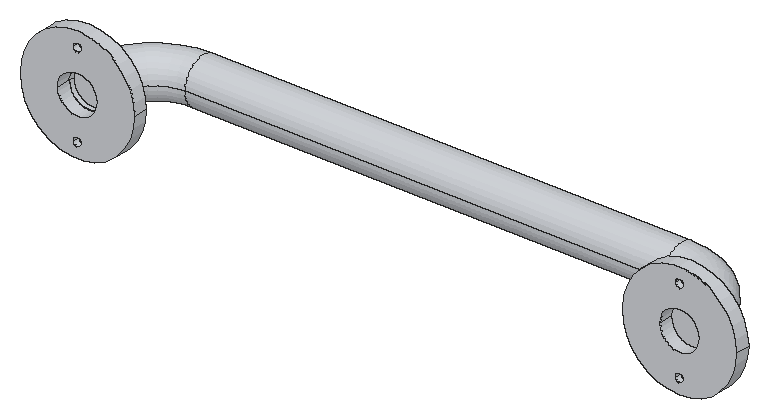
Revit family "AX8032X507_0002", category Appareils sanitaires, Revit 2016
Family settings
  Hôte = Mur
  Type d'élément = Normal
  Cote de connecteur circulaire = Utiliser le diamètre
  Numéro OmniClass = 23.75.00.00
  Titre OmniClass = Climate Control (HVAC)
  Toujours verticalement = Oui
  Couper avec des vides une fois chargée = Non
  Partagée = Non
  Point de calcul de pièce = Non
Parameters (values of type "Type 1")
  URL = "https://www.axeuro.com/fr/barres-de-securite-barres-d-appui/25488-barre-d-appui-ax8032x385.html?search_query=AX8032X385&results=1"
  Type de produit / Type of product = "Barre de sécurité / Grab bar"  # constant formula
  Référence / Reference = "AX8032X507"  # constant formula
  Model = ""
  Manufacturer = ""
  Entreprise / Company = "Axeuro"  # constant formula
  Description = ""
Reference planes
  plane 1 "Mur": y = 0
  plane 2 "Centre (gauche/droite)": x = 0
  plane 3 "Arrière": y = 75
Forms (mm)
  Extrusion 1, solid
    sketch origin (-23, 75, 0) x (-1, 0, 0) y (0, 0, -1)
      loop
        circle (190, -669.455) r 40.5
    from -10 to 0
  Sweep 2, solid
    path origin (247, -18.736, 669.511) x (1, 0, 0) y (0, 1, 0)
      loop
        line (-460, 103.736) -> (-460, 105.837)
        arc (-460, 105.837) -> (-447.142, 136.878) -> (-416.102, 149.735) r 43.898
        line (-416.102, 149.735) -> (-77.898, 149.735)
        arc (-77.898, 149.735) -> (-46.858, 136.878) -> (-34, 105.837) r 43.898
        line (-34, 105.837) -> (-34, 103.736)
    profile origin (0, 131, 669.511) x (0, 1, 0) y (0, 0, 1)
      loop
        circle (0, 0) r 16
  Extrusion 3, void
    sketch origin (63, 0, 0) x (1, 0, 0) y (0, 0, 1)
      loop
        circle (150, 669.455) r 14
    from -88.969 to -75
  Extrusion 4, void
    sketch origin (-63, 0, 0) x (-1, 0, 0) y (0, 0, -1)
      loop
        circle (150, -669.455) r 14
    from -88.969 to -75
  Extrusion 5, void
    sketch origin (-419.122, 0, 1337.127) x (1, 0, 0) y (0, 0, 1)
      loop
        circle (206.122, -697.622) r 3
    from -79.397 to -75
  Extrusion 6, void
    sketch origin (-419.122, 0, 1.883) x (1, 0, 0) y (0, 0, 1)
      loop
        circle (206.122, 697.622) r 3
    from -79.397 to -75
  Extrusion 7, void
    sketch origin (419.122, 0, 1337.127) x (-1, 0, 0) y (0, 0, -1)
      loop
        circle (206.122, 697.622) r 3
    from -79.397 to -75
  Extrusion 8, void
    sketch origin (419.122, 0, 1.883) x (-1, 0, 0) y (0, 0, -1)
      loop
        circle (206.122, -697.622) r 3
    from -79.397 to -75
  Extrusion 9, solid
    sketch origin (23, 75, 0) x (1, 0, 0) y (0, 0, 1)
      loop
        circle (190, 669.455) r 40.5
    from -10 to 0
Cuts and joins
  Extrusion 4 cuts Sweep 2
  Extrusion 4, Extrusion 5, Extrusion 6, Extrusion 7, Extrusion 8 cuts Extrusion 1
  Extrusion 3, Extrusion 7, Extrusion 8 cuts Extrusion 9
Text (mm)
  text "Côté de la mise en place" at (-1820.995, 1116.779, 0), in view "Niveau de réf."
  text "Côté de la mise en place" at (0, 1334.055, 2976.191), in view "Gauche"
  text "Côté de la mise en place" at (0, 439.194, 2944.362), in view "Droite"
Dimensions and locks
  locked: plane 3 "Arrière" to host wall
  aligned and locked: plane 1 "Mur" to host wall
